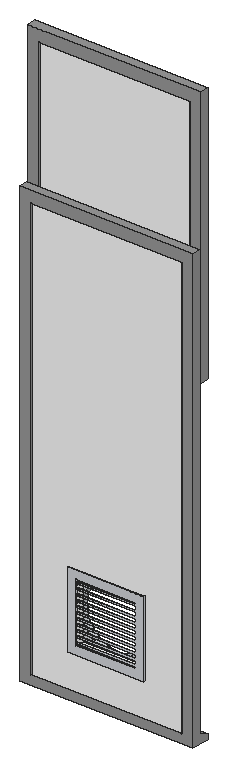
Revit family "STARC-REALWALL-NEGATIVE AIR PANEL", category Specialty Equipment, Revit 2014
Parameters (values of type "S3-AIR-32")
  Width = 2' - 8"
  Wall Interface Right [instance] = no
  Wall Interface Left [instance] = no
  Wall Gap-Right [instance] = 0' - 5"
  URL = "https://starcsystems.com/products/realwall-negative-air-panels/"
  Type Comments = "STARC REALWALL 32 INCH NEGATIVE AIR PANEL"
  Pressure Monitor [instance] = no
  Model = "S3-AIR-32"
  Manufacturer = "STARC SYSTEMS, INC."  # constant formula
  ICRA Class = "IV"  # constant formula
  Description = "STARC SYSTEMS, INC REALWALL TEMPORARY CONTAINMENT SYSTEM NEGATIVE AIR PANEL"  # constant formula
  Copyright = "Copyright 2020 STARC Systems, Inc."  # constant formula
  Ceiling Height = 9' - 0"
  Wall Gap-Left [instance] = 0' - 5"
  Height = if(Ceiling Height > 10' 3", 10' 3", (if(Ceiling Height < 6' 10", 6' 10", Ceiling Height)))  # 9' - 0"
  Extensions.Group [instance] = if(and(Wall Interface Right, Wall Interface Left), "Double Interface", (if(Wall Interface Right, "Right Interface", (if(Wall Interface Left, "Left interface", "")))))  # ""
  Assembly Code = "F1030900"
  ASTM Standard = "E-84 CLASS A"  # constant formula
Types (5): name | Width | Wall Gap-Right | Type Comments | Model | Wall Gap-Left
  (no name) | 2' - 8" | 0' - 5" | "STARC REALWALL 32 INCH NEGATIVE AIR PANEL" | "S3-AIR-32" | 0' - 5"
  S3-AIR-24 | 2' - 0" | 0' - 0" | "STARC REALWALL 24 INCH NEGATIVE AIR PANEL" | "S3-AIR-24" | 0' - 0"
  S3-AIR-32 | 2' - 8" | 0' - 5" | "STARC REALWALL 32 INCH NEGATIVE AIR PANEL" | "S3-AIR-32" | 0' - 5"
  S3-AIR-18 | 1' - 6" | 0' - 0" | "STARC REALWALL 18 INCH NEGATIVE AIR PANEL" | "S3-AIR-18" | 0' - 0"
  S3-AIR-42 | 3' - 6" | 0' - 0" | "STARC REALWALL 42 INCH NEGATIVE AIR PANEL" | "S3-AIR-42" | 0' - 0"
Reference planes (in)
  plane 1 "Center (Base Panel)": y = 0
  plane 2: z = 0
  plane 3 "Center (Left/Right)": x = 0
  plane 4 "Center (Top Panel)": y = 1.78125
  plane 5 "Base Panel Front": y = -0.796875
  plane 6 "Base Panel Back": y = 0.796875
  plane 7 "Top Panel Fron": y = 0.984375
  plane 8 "Top Panel Back": y = 2.578125
  plane 9 "Left Edge": x = -16
  plane 10 "Right Edge": x = 16
  plane 11 "Ceiling Height": z = 108
  plane 12 "Base Panel Top": z = 82
  plane 13 "Base Top": z = 1.65625
  plane 14 "Interior Left Edge": x = -13.921875
  plane 15 "Interior Right Edge": x = 13.921875
  plane 16: z = 79.921875
  plane 17: z = 59.734375
  plane 18: z = 61.8125
  plane 19: z = 105.921875
  plane 20: y = 2.578125
  plane 21: z = 1.140625
  plane 22: z = 59.921875
Forms (in)
  Extrusion 1, solid, material "STARC-Frame", detail levels medium+fine
    sketch origin (0, 0.796875, 0) x (1, 0, 0) y (0, 0, 1)
      loop
        line (-13.921875, 1.65625) -> (-13.921875, 79.921875) -> (13.921875, 79.921875) -> (13.921875, 1.65625) -> (16, 1.65625) -> (16, 82) -> (-16, 82) -> (-16, 1.65625) -> (-13.921875, 1.65625)
    from 0 to 1.59375
  Extrusion 2, solid, material "STARC-Frame", detail levels medium+fine
    sketch origin (0, 2.578125, 0) x (1, 0, 0) y (0, 0, 1)
      loop
        line (-16, 108) -> (-16, 59.734375) -> (16, 59.734375) -> (16, 108) -> (-16, 108)
      loop
        line (-13.921875, 105.921875) -> (-13.921875, 61.8125) -> (13.921875, 61.8125) -> (13.921875, 105.921875) -> (-13.921875, 105.921875)
    from 0 to 1.59375
  Extrusion 3, solid, material "STARC-Panel", detail levels medium+fine
    sketch origin (0, 0.796875, 0) x (1, 0, 0) y (0, 0, 1)
      loop
        line (-13.921875, 79.921875) -> (-13.921875, 1.65625) -> (13.921875, 1.65625) -> (13.921875, 79.921875) -> (-13.921875, 79.921875)
      loop
        line (-5.5275591, 20.5551181) -> (-5.5275591, 9.5) -> (5.5275591, 9.5) -> (5.5275591, 20.5551181) -> (-5.5275591, 20.5551181)
    from 0.125 to 1.5
  Extrusion 4, solid, material "STARC-Panel", detail levels medium+fine
    sketch origin (0, 2.578125, 0) x (1, 0, 0) y (0, 0, 1)
      loop
        line (-13.921875, 105.921875) -> (-13.921875, 61.8125) -> (13.921875, 61.8125) -> (13.921875, 105.921875) -> (-13.921875, 105.921875)
    from 0.125 to 1.5
  Extrusion 5, solid, material "STARC-Frame", detail levels medium+fine
    sketch origin (0, 0, 0) x (0, 1, 0) y (0, 0, 1)
      loop
        line (-0.796875, 1.65625) -> (-0.796875, 0) -> (2.578125, 0) -> (2.578125, 0.8474059) -> (0.796875, 1.65625) -> (-0.796875, 1.65625)
    from -16 to 16
Cuts and joins
  joined: Extrusion 1, Extrusion 5
Lines and regions (in)
  symbolic lines, detail levels coarse
    curve 1: line (-16, 0.796875, 0) -> (16, 0.796875, 0)
    curve 2: line (-16, -0.796875, 0) -> (-16, 0.796875, 0)
    curve 3: line (16, -0.796875, 0) -> (-16, -0.796875, 0)
    curve 4: line (16, 0.796875, 0) -> (16, -0.796875, 0)
  symbolic lines, style "SpecialityEquipmentHiddenLines", detail levels coarse
    curve 5: line (-16, 0.796875, 0) -> (-16, 2.578125, 0)
    curve 6: line (-16, 2.578125, 0) -> (16, 2.578125, 0)
    curve 7: line (16, 2.578125, 0) -> (16, 0.796875, 0)
Dimensions and locks (in)
  plane 7 "Top Panel Fron" to plane 4 "Center (Top Panel)" to plane 8 "Top Panel Back" = 0' - 0 51/64" locked, 0' - 0 51/64" locked
  plane 5 "Base Panel Front" to plane 1 "Center (Base Panel)" to plane 6 "Base Panel Back" = 0' - 0 51/64" locked, 0' - 0 51/64" locked
  locked: plane 1 "Center (Base Panel)" to plane 4 "Center (Top Panel)" at 1.78125
  equal spacing: plane 9 "Left Edge", plane 3 "Center (Left/Right)", plane 10 "Right Edge"
  "Width": plane 9 "Left Edge" to plane 10 "Right Edge"
  "Height": plane 11 "Ceiling Height" to level
  locked: plane 12 "Base Panel Top" to level at 82
  locked: plane 13 "Base Top" to level at 1.65625
  locked: plane 14 "Interior Left Edge" to plane 9 "Left Edge" at 2.078125
  locked: plane 15 "Interior Right Edge" to plane 10 "Right Edge" at 2.078125
  locked: plane 11 "Ceiling Height" to plane 17 at 48.265625
  locked: plane 11 "Ceiling Height" to plane 19 at 2.078125
  locked: plane 18 to plane 17 at 2.078125
  locked: plane 20 to plane 5 "Base Panel Front" at 3.375
  locked: plane 21 to level at 1.140625
  locked: plane 12 "Base Panel Top" to plane 16 at 2.078125
  locked: nested 1 to level at 8
  plane 16 to plane 22 = 1' - 8"
  aligned and locked: level to plane 2
  aligned and locked: plane 9 "Left Edge" to Extrusion 1 sketch curve
  aligned and locked: Extrusion 1 sketch curve to plane 12 "Base Panel Top"
  aligned and locked: plane 10 "Right Edge" to Extrusion 1 sketch curve
  aligned and locked: Extrusion 1 sketch curve to plane 15 "Interior Right Edge"
  aligned and locked: plane 13 "Base Top" to Extrusion 1 sketch curve  (x2)
  aligned and locked: Extrusion 1 sketch curve to plane 14 "Interior Left Edge"
  aligned and locked: plane 5 "Base Panel Front" to Extrusion 1
  aligned and locked: plane 16 to Extrusion 1 sketch curve
  aligned and locked: Extrusion 2 sketch curve to plane 11 "Ceiling Height"
  aligned and locked: plane 17 to Extrusion 2 sketch curve
  aligned and locked: plane 9 "Left Edge" to Extrusion 2 sketch curve
  aligned and locked: plane 14 "Interior Left Edge" to Extrusion 2 sketch curve
  aligned and locked: plane 18 to Extrusion 2 sketch curve
  aligned and locked: plane 15 "Interior Right Edge" to Extrusion 2 sketch curve
  aligned and locked: plane 10 "Right Edge" to Extrusion 2 sketch curve
  aligned and locked: Extrusion 2 sketch curve to plane 19
  aligned and locked: plane 7 "Top Panel Fron" to Extrusion 2
  aligned and locked: plane 13 "Base Top" to Extrusion 3 sketch curve
  aligned and locked: plane 15 "Interior Right Edge" to Extrusion 3 sketch curve
  aligned and locked: plane 14 "Interior Left Edge" to Extrusion 3 sketch curve
  aligned and locked: Extrusion 3 sketch curve to plane 16
  aligned and locked: plane 18 to Extrusion 4 sketch curve
  aligned and locked: Extrusion 4 sketch curve to plane 19
  aligned and locked: plane 15 "Interior Right Edge" to Extrusion 4 sketch curve
  aligned and locked: plane 14 "Interior Left Edge" to Extrusion 4 sketch curve
  aligned and locked: Extrusion 5 sketch curve to plane 5 "Base Panel Front"
  aligned and locked: Extrusion 5 sketch curve to plane 13 "Base Top"
  aligned and locked: level to Extrusion 5 sketch curve
  aligned and locked: plane 20 to Extrusion 5 sketch curve
  aligned and locked: Extrusion 5 to plane 10 "Right Edge"
  aligned and locked: Extrusion 5 to plane 9 "Left Edge"
  aligned and locked: curve 3 to plane 5 "Base Panel Front"
  aligned and locked: plane 10 "Right Edge" to curve 4
  aligned and locked: plane 6 "Base Panel Back" to curve 1
  aligned and locked: plane 9 "Left Edge" to curve 2
  aligned and locked: plane 6 "Base Panel Back" to curve 7
  aligned and locked: plane 10 "Right Edge" to curve 7
  aligned and locked: plane 20 to curve 6
  aligned and locked: plane 9 "Left Edge" to curve 5
  aligned and locked: plane 3 "Center (Left/Right)" to nested 1
  aligned and locked: cut or joined group of Extrusion 1, Extrusion 5 to nested 1
  aligned and locked: Extrusion 3 sketch curve to nested 1  (x4)
  aligned and locked: plane 5 "Base Panel Front" to nested 2
  aligned and locked: plane 3 "Center (Left/Right)" to nested 2
  aligned and locked: plane 5 "Base Panel Front" to nested 4
  aligned and locked: plane 5 "Base Panel Front" to nested 3
  aligned and locked: nested 3 to plane 10 "Right Edge"
  aligned and locked: plane 9 "Left Edge" to nested 4
Automatic sketch dimensions
  Extrusion 5 sketch curve to plane 6 "Base Panel Back" = 0' - 0"
  Extrusion 5 sketch curve to plane 21 = 0' - 0.29322"
Nested families (in)
  nested 1: "STARC-AIR_VENT" at (0, 0.796875, 15.0275591), type "STARC-AIR_VENT"
    with Panel Thickness 0' - 1 19/32"
  nested 2: "STARC-PRESSURE MONITOR" at (0, -0.796875, 59.921875), visible <- "Pressure Monitor", type "STARC-PRESSURE MONITOR"
  nested 3: "STARC-REALWALL-INTERFACE-RIGHT" at (16, 0, 0), visible <- "Wall Interface Right", type "S1-RWI"
    with Interface Width 0' - 4 1/2"
  nested 4: "STARC-REALWALL-INTERFACE-LEFT" at (-16, 0, 0), visible <- "Wall Interface Left", type "S1-LWI"
    with Interface Width 0' - 4 1/2", Gap Width 0' - 5"
Definition of nested family "STARC-AIR_VENT"
  Parameters (values of type "STARC-AIR_VENT")
    Panel Thickness = 1' - 0"
  Reference planes (in)
    plane 1 "Center (Front/Back)": y = 0
    plane 2: z = 0
    plane 3 "Center (Left/Right)": x = 0
    plane 4 "front of panel": y = -12
  Forms (in)
    Extrusion 1, solid
      sketch origin (0, -12, 0) x (0, 0, 1) y (-1, 0, 0)
        loop
          line (-7.0275591, 7.0275591) -> (-7.0275591, -7.0275591) -> (7.0275591, -7.0275591) -> (7.0275591, 7.0275591) -> (-7.0275591, 7.0275591)
        loop
          line (5.5275591, -5.5275591) -> (5.5275591, 5.5275591) -> (5.1525591, 5.5275591) -> (5.1525591, -5.5275591) -> (5.5275591, -5.5275591)
        loop
          line (-5.5275591, 5.5275591) -> (-5.5275591, -5.5275591) -> (-5.0974409, -5.5275591) -> (-5.0974409, 5.5275591) -> (-5.5275591, 5.5275591)
        loop
          line (4.9025591, -5.5275591) -> (4.9025591, 5.5275591) -> (4.1525591, 5.5275591) -> (4.1525591, -5.5275591) -> (4.9025591, -5.5275591)
        loop
          line (3.9025591, -5.5275591) -> (3.9025591, 5.5275591) -> (3.1525591, 5.5275591) -> (3.1525591, -5.5275591) -> (3.9025591, -5.5275591)
        loop
          line (2.9025591, -5.5275591) -> (2.9025591, 5.5275591) -> (2.1525591, 5.5275591) -> (2.1525591, -5.5275591) -> (2.9025591, -5.5275591)
        loop
          line (1.9025591, -5.5275591) -> (1.9025591, 5.5275591) -> (1.1525591, 5.5275591) -> (1.1525591, -5.5275591) -> (1.9025591, -5.5275591)
        loop
          line (0.9025591, -5.5275591) -> (0.9025591, 5.5275591) -> (0.1525591, 5.5275591) -> (0.1525591, -5.5275591) -> (0.9025591, -5.5275591)
        loop
          line (-0.0974409, -5.5275591) -> (-0.0974409, 5.5275591) -> (-0.8474409, 5.5275591) -> (-0.8474409, -5.5275591) -> (-0.0974409, -5.5275591)
        loop
          line (-1.0974409, -5.5275591) -> (-1.0974409, 5.5275591) -> (-1.8474409, 5.5275591) -> (-1.8474409, -5.5275591) -> (-1.0974409, -5.5275591)
        loop
          line (-2.0974409, -5.5275591) -> (-2.0974409, 5.5275591) -> (-2.8474409, 5.5275591) -> (-2.8474409, -5.5275591) -> (-2.0974409, -5.5275591)
        loop
          line (-3.0974409, -5.5275591) -> (-3.0974409, 5.5275591) -> (-3.8474409, 5.5275591) -> (-3.8474409, -5.5275591) -> (-3.0974409, -5.5275591)
        loop
          line (-4.0974409, -5.5275591) -> (-4.0974409, 5.5275591) -> (-4.8474409, 5.5275591) -> (-4.8474409, -5.5275591) -> (-4.0974409, -5.5275591)
      from 0 to 0.125
    Extrusion 2, solid
      sketch origin (0, 0, 0) x (1, 0, 0) y (0, 0, 1)
        loop
          line (7.0275591, 7.0275591) -> (-7.0275591, 7.0275591) -> (-7.0275591, -7.0275591) -> (7.0275591, -7.0275591) -> (7.0275591, 7.0275591)
        loop
          circle (0, 0) r 6
      from 0 to -0.125
    Extrusion 3, solid
      sketch origin (0, 0, 0) x (1, 0, 0) y (0, 0, 1)
        loop
          circle (0, 0) r 6
        loop
          circle (0, 0) r 5.9375
      from 0 to -1.25
  Cuts and joins
    joined: Extrusion 2, Extrusion 3
  Dimensions and locks (in)
    locked: Extrusion 1 sketch curve to Extrusion 1 sketch curve at 14.0551181  (x2)
    equal spacing: Extrusion 1 sketch curve, plane 3 "Center (Left/Right)", Extrusion 1 sketch curve
    equal spacing: Extrusion 1 sketch curve, level, Extrusion 1 sketch curve
    "Panel Thickness": plane 1 "Center (Front/Back)" to plane 4 "front of panel"
    aligned and locked: plane 2 to level
    aligned and locked: plane 1 "Center (Front/Back)" to Extrusion 3
  Automatic sketch dimensions
    Extrusion 1 sketch curve to Extrusion 1 sketch curve = 0' - 1 1/2"  (x5)
    Extrusion 1 sketch curve to Extrusion 1 sketch curve = 0' - 0.43012"
    Extrusion 1 sketch curve to Extrusion 1 sketch curve = 0' - 0 1/4"  (x10)
    Extrusion 1 sketch curve to Extrusion 1 sketch curve = 0' - 0 3/4"  (x9)
    Extrusion 1 sketch curve to level = 0' - 0.09744"
    level to Extrusion 1 sketch curve = 0' - 0.15256"
    Extrusion 1 sketch curve to Extrusion 1 sketch curve = 0' - 0 3/8"
    Extrusion 1 sketch curve to Extrusion 1 sketch curve = 0' - 0"  (x20)
    Extrusion 2 sketch curve to level = 0' - 0"
    Extrusion 2 sketch curve to plane 3 "Center (Left/Right)" = 0' - 0"
    Extrusion 2 sketch curve to plane 3 "Center (Left/Right)" = 0' - 7.02756"
    plane 3 "Center (Left/Right)" to Extrusion 2 sketch curve = 0' - 7.02756"
    Extrusion 2 sketch curve to level = 0' - 7.02756"
    level to Extrusion 2 sketch curve = 0' - 7.02756"
    Extrusion 3 sketch curve to Extrusion 3 sketch curve = 0' - 0"  (x12)
    Extrusion 3 sketch curve to level = 0' - 0"
    Extrusion 3 sketch curve to plane 3 "Center (Left/Right)" = 0' - 0"
    Extrusion 3 sketch curve to Extrusion 3 sketch curve = 0' - 5 15/16"
    Extrusion 3 sketch curve to Extrusion 3 sketch curve = 0' - 0 1/16"
    radius of Extrusion 2 sketch curve = 0' - 6"
Definition of nested family "STARC-PRESSURE MONITOR"
  Reference planes (in)
    plane 1 "Center (Front/Back)": y = 0
    plane 2: z = 0
    plane 3 "Center (Left/Right)": x = 0
  Forms (in)
    Extrusion 1, solid
      sketch origin (-6.9017162, 0, -71.3125857) x (1, 0, 0) y (0, 0, 1)
        loop
          line (2.4017162, 73.8125857) -> (2.4017162, 68.8125857) -> (11.4017162, 68.8125857) -> (11.4017162, 73.8125857) -> (2.4017162, 73.8125857)
      from 0 to 0.125
    Extrusion 2, solid
      sketch origin (1, 0, 0) x (1, 0, 0) y (0, 0, 1)
        loop
          arc (-4.4984912, 2) -> (-4.8520446, 1.8535534) -> (-4.9984912, 1.5) r 0.5
          line (-4.9984912, 1.5) -> (-4.9984912, -1.5)
          arc (-4.9984912, -1.5) -> (-4.8520446, -1.8535534) -> (-4.4984912, -2) r 0.5
          line (-4.4984912, -2) -> (0.7515088, -2)
          arc (0.7515088, -2) -> (1.1050622, -1.8535534) -> (1.2515088, -1.5) r 0.5
          line (1.2515088, -1.5) -> (1.2515088, 1.5)
          arc (1.2515088, 1.5) -> (1.1050622, 1.8535534) -> (0.7515088, 2) r 0.5
          line (0.7515088, 2) -> (-4.4984912, 2)
      from 0 to 1
    Sweep 3, void
      path origin (1, 0, 0) x (1, 0, 0) y (0, 0, 1)
        loop
          line (0.7515088, 2) -> (-4.4984912, 2)
          arc (-4.4984912, 2) -> (-4.8520446, 1.8535534) -> (-4.9984912, 1.5) r 0.5
          line (-4.9984912, 1.5) -> (-4.9984912, -1.5)
          arc (-4.9984912, -1.5) -> (-4.8520446, -1.8535534) -> (-4.4984912, -2) r 0.5
          line (-4.4984912, -2) -> (0.7515088, -2)
          arc (0.7515088, -2) -> (1.1050622, -1.8535534) -> (1.2515088, -1.5) r 0.5
          line (1.2515088, -1.5) -> (1.2515088, 1.5)
          arc (1.2515088, 1.5) -> (1.1050622, 1.8535534) -> (0.7515088, 2) r 0.5
      profile origin (-0.8734912, 0, 2) x (0, 0, -1) y (0, -1, 0)
        loop
          arc (0, 0.75) -> (0.0732233, 0.9267767) -> (0.25, 1) r 0.25
          line (0.25, 1) -> (0.25, 1.1294849) -> (-0.1569918, 1.1294849) -> (-0.1569918, 0.75) -> (0, 0.75)
    Extrusion 4, void
      sketch origin (-6.9017162, -0.125, -71.3125857) x (-1, 0, 0) y (0, 0, 1)
        loop
          line (-3.3240898, 72.754601) -> (-6.8240898, 72.754601) -> (-6.8240898, 70.254601) -> (-3.3240898, 70.254601) -> (-3.3240898, 72.754601)
        loop
          line (-7.1284293, 72.754601) -> (-8.7363449, 72.754601) -> (-8.7363449, 72.004601) -> (-7.1284293, 72.004601) -> (-7.1284293, 72.754601)
      from -0.8205955 to -0.9664397
  Cuts and joins
    Sweep 3, Extrusion 4 cuts Extrusion 1
    Sweep 3, Extrusion 4 cuts Extrusion 2
    joined: Extrusion 1, Extrusion 2
  Dimensions and locks (in)
    Extrusion 1 sketch curve to Extrusion 1 sketch curve = 0' - 9"
    locked: Extrusion 1 sketch curve to Extrusion 1 sketch curve at 5
    aligned and locked: plane 2 to level
Definition of nested family "STARC-REALWALL-INTERFACE-RIGHT"
  Parameters (values of type "S1-RWI")
    URL = "https://starcsystems.com/products/accessories/"
    Type Comments = "STARC SYSTEMS, INC REALWALL TEMPORARY CONTAINMENT SYSTEM RIGHT WALL INTERFACE"
    Model = "S1-RWI"
    Manufacturer = "STARC SYSTEMS, INC."  # constant formula
    Interface Width [instance] = if(Gap Width > 0' 4 1/2", 0' 4 1/2", (if(Gap Width < 0' 2 3/4", 0' 2 3/4", Gap Width)))  # 0' - 4 1/2"
    Wall Height = 9' - 0"
    ICRA Class = "IV"  # constant formula
    Height = if(Wall Height > 10' 3", 10' 3", Wall Height)  # 9' - 0"
    Gap Width = 0' - 5"
    Description = "STARC SYSTEMS, INC REALWALL TEMPORARY CONTAINMENT SYSTEM RIGHT WALL INTERFACE"  # constant formula
    Copyright = "Copyright 2020 STARC Systems, Inc."  # constant formula
    Assembly Code = "F1030900"
    ASTM Standard = "E-84 CLASS A"  # constant formula
  Reference planes (in)
    plane 1 "Center (Front/Back)": y = 0
    plane 2: z = 0
    plane 3 "Panel Edge": x = 0
    plane 4: z = 82
    plane 5 "TopPanelTop": z = 108
    plane 6 "TopPanelBottom": z = 59.71875
    plane 7: y = 1.78125
    plane 8: y = -0.796875
    plane 9: y = 0.796875
    plane 10: y = 0.984375
    plane 11: y = 2.578125
    plane 12: y = 2.578125
    plane 13: x = 4.5
    plane 14: x = 4.125
    plane 15: x = 1.6875
    plane 16: x = 1.6875
  Forms (in)
    Extrusion 1, solid, material "STARC-Frame"
      sketch origin (0, -0.796875, 0) x (1, 0, 0) y (0, 1, 0)
        loop
          line (1.6875, 0) -> (1.6875, -0.0625) -> (4.125, -0.0625) -> (4.125, 1.65625) -> (1.6875, 1.65625) -> (1.6875, 1.59375) -> (4.0625, 1.59375) -> (4.0625, 0) -> (1.6875, 0)
      from 0 to 82
    Extrusion 2, solid, material "STARC-Gasket"
      sketch origin (0, -0.796875, 0) x (1, 0, 0) y (0, 1, 0)
        loop
          line (4.125, 1.1875) -> (4.125, 0.4375) -> (4.5, 0.4375) -> (4.5, 1.1875) -> (4.125, 1.1875)
      from 0 to 82
    Extrusion 3, solid, material "STARC-Frame"
      sketch origin (0, -0.796875, 0) x (1, 0, 0) y (0, 1, 0)
        loop
          line (0, 1.59375) -> (0, 0) -> (4.0625, 0) -> (4.0625, 1.59375) -> (0, 1.59375)
      from 0 to 82
    Extrusion 4, solid, material "STARC-Frame"
      sketch origin (0, 0.984375, 0) x (1, 0, 0) y (0, 1, 0)
        loop
          line (1.6875, 0) -> (1.6875, -0.0625) -> (4.125, -0.0625) -> (4.125, 1.65625) -> (1.6875, 1.65625) -> (1.6875, 1.59375) -> (4.0625, 1.59375) -> (4.0625, 0) -> (1.6875, 0)
      from 59.71875 to 108 <- "Height"
    Extrusion 5, solid, material "STARC-Gasket"
      sketch origin (0, 0.984375, 0) x (1, 0, 0) y (0, 1, 0)
        loop
          line (4.125, 1.1875) -> (4.125, 0.4375) -> (4.5, 0.4375) -> (4.5, 1.1875) -> (4.125, 1.1875)
      from 59.71875 to 108 <- "Height"
    Extrusion 6, solid, material "STARC-Frame"
      sketch origin (0, 0.984375, 0) x (1, 0, 0) y (0, 1, 0)
        loop
          line (0, 1.59375) -> (0, 0) -> (4.0625, 0) -> (4.0625, 1.59375) -> (0, 1.59375)
      from 59.71875 to 108 <- "Height"
  Dimensions and locks (in)
    locked: plane 4 to level at 82
    locked: plane 5 "TopPanelTop" to plane 6 "TopPanelBottom" at 48.28125
    "Height": plane 5 "TopPanelTop" to level
    Extrusion 2 sketch curve to plane 1 "Center (Front/Back)" = 0' - 0 23/64"
    locked: Extrusion 2 sketch curve to Extrusion 2 sketch curve at 0.75
    locked: Extrusion 5 sketch curve to Extrusion 5 sketch curve at 0.75
    plane 10 to plane 7 to plane 11 = 0' - 0 51/64" locked, 0' - 0 51/64" locked
    plane 8 to plane 9 = 0' - 1 19/32"
    locked: plane 12 to plane 8 at 3.375
    locked: plane 13 to plane 14 at 0.375
    "Interface Width": plane 3 "Panel Edge" to plane 13
    locked: Extrusion 1 sketch curve to Extrusion 1 sketch curve at 0.0625  (x3)
    locked: plane 15 to plane 14 at 2.4375
    locked: plane 16 to plane 14 at 2.4375
    aligned and locked: plane 2 to level
    aligned and locked: Extrusion 1 to level
    aligned and locked: plane 4 to Extrusion 1
    aligned and locked: plane 4 to Extrusion 3
    aligned and locked: Extrusion 3 to level
    aligned and locked: Extrusion 6 to plane 6 "TopPanelBottom"
    aligned and locked: Extrusion 4 to plane 6 "TopPanelBottom"
    aligned and locked: Extrusion 5 to plane 6 "TopPanelBottom"
    aligned and locked: plane 15 to Extrusion 1 sketch curve  (x2)
    aligned and locked: Extrusion 3 to Extrusion 1
    aligned and locked: Extrusion 3 to plane 3 "Panel Edge"
    aligned and locked: plane 16 to Extrusion 4 sketch curve  (x2)
    aligned and locked: Extrusion 5 to plane 13
    aligned and locked: plane 14 to Extrusion 5
    aligned and locked: plane 14 to Extrusion 2
    aligned and locked: Extrusion 6 to Extrusion 4
    aligned and locked: Extrusion 6 to plane 3 "Panel Edge"
  Automatic sketch dimensions
    plane 1 "Center (Front/Back)" to Extrusion 3 sketch curve = 0' - 0 51/64"
    plane 3 "Panel Edge" to Extrusion 3 sketch curve = 0' - 4 1/16"
    Extrusion 3 sketch curve to plane 1 "Center (Front/Back)" = 0' - 0 51/64"
    Extrusion 5 sketch curve to plane 1 "Center (Front/Back)" = 0' - 1 27/64"
    plane 3 "Panel Edge" to Extrusion 6 sketch curve = 0' - 4 1/16"
    Extrusion 6 sketch curve to plane 1 "Center (Front/Back)" = 0' - 0 63/64"
    Extrusion 6 sketch curve to Extrusion 6 sketch curve = 0' - 1 19/32"
    plane 8 to Extrusion 1 sketch curve = 0' - 0"
    plane 9 to Extrusion 1 sketch curve = 0' - 0"
    Extrusion 1 sketch curve to plane 14 = 0' - 0"
    plane 10 to Extrusion 4 sketch curve = 0' - 0"
    plane 11 to Extrusion 4 sketch curve = 0' - 0"
    Extrusion 4 sketch curve to plane 14 = 0' - 0"
    plane 14 to Extrusion 4 sketch curve = 0' - 0 1/16"
    Extrusion 4 sketch curve to Extrusion 4 sketch curve = 0' - 0 1/16"
    Extrusion 4 sketch curve to plane 11 = 0' - 0 1/16"
    Extrusion 2 sketch curve to plane 13 = 0' - 0"
    Extrusion 3 sketch curve to plane 3 "Panel Edge" = 0' - 0"
    Extrusion 5 sketch curve to plane 13 = 0' - 0"
    Extrusion 6 sketch curve to plane 3 "Panel Edge" = 0' - 0"
    Extrusion 2 sketch curve to plane 14 = 0' - 0"
    Extrusion 5 sketch curve to plane 14 = 0' - 0"
Definition of nested family "STARC-REALWALL-INTERFACE-LEFT"
  Parameters (values of type "S1-LWI")
    URL = "https://starcsystems.com/products/accessories/"
    Type Comments = "STARC SYSTEMS, INC REALWALL TEMPORARY CONTAINMENT SYSTEM LEFT WALL INTERFACE"
    Model = "S1-LWI"
    Manufacturer = "STARC SYSTEMS, INC."  # constant formula
    Interface Width [instance] = if(Gap Width > 0' 4 1/2", 0' 4 1/2", (if(Gap Width < 0' 2 3/4", 0' 2 3/4", Gap Width)))  # 0' - 4 1/2"
    Wall Height = 9' - 0"
    ICRA Class = "IV"  # constant formula
    Height = if(Wall Height > 10' 3", 10' 3", Wall Height)  # 9' - 0"
    Gap Width = 0' - 6"
    Description = "STARC SYSTEMS, INC REALWALL TEMPORARY CONTAINMENT SYSTEM LEFT WALL INTERFACE"  # constant formula
    Copyright = "Copyright 2002 STARC Systems, Inc."  # constant formula
    Assembly Code = "F1030900"
    ASTM Standard = "E-84 CLASS A"  # constant formula
  Reference planes (in)
    plane 1 "Center (Front/Back)": y = 0
    plane 2: z = 0
    plane 3 "Panel Edge": x = 0
    plane 4: z = 82
    plane 5 "TopPanelTop": z = 108
    plane 6 "TopPanelBottom": z = 59.71875
    plane 7: x = -4.5
    plane 8: x = -4.125
    plane 9: x = -1.6875
    plane 10: x = -1.6875
    plane 11: y = 1.78125
    plane 12: y = -0.796875
    plane 13: y = 0.796875
    plane 14: y = 0.984375
    plane 15: y = 2.578125
    plane 16: y = 2.578125
  Forms (in)
    Extrusion 1, solid, material "STARC-Frame"
      sketch origin (0, -0.796875, 0) x (1, 0, 0) y (0, 1, 0)
        loop
          line (-1.6875, 0) -> (-4.0625, 0) -> (-4.0625, 1.59375) -> (-1.6875, 1.59375) -> (-1.6875, 1.65625) -> (-4.125, 1.65625) -> (-4.125, -0.0625) -> (-1.6875, -0.0625) -> (-1.6875, 0)
      from 0 to 82
    Extrusion 2, solid, material "STARC-Gasket"
      sketch origin (0, -0.796875, 0) x (1, 0, 0) y (0, 1, 0)
        loop
          line (-4.5, 1.1875) -> (-4.5, 0.4375) -> (-4.125, 0.4375) -> (-4.125, 1.1875) -> (-4.5, 1.1875)
      from 0 to 82
    Extrusion 3, solid, material "STARC-Frame"
      sketch origin (0, -0.796875, 0) x (1, 0, 0) y (0, 1, 0)
        loop
          line (-4.0625, 1.59375) -> (-4.0625, 0) -> (0, 0) -> (0, 1.59375) -> (-4.0625, 1.59375)
      from 0 to 82
    Extrusion 4, solid, material "STARC-Frame"
      sketch origin (0, 0.984375, 0) x (1, 0, 0) y (0, 1, 0)
        loop
          line (-1.6875, 0) -> (-4.0625, 0) -> (-4.0625, 1.59375) -> (-1.6875, 1.59375) -> (-1.6875, 1.65625) -> (-4.125, 1.65625) -> (-4.125, -0.0625) -> (-1.6875, -0.0625) -> (-1.6875, 0)
      from 59.71875 to 108 <- "Height"
    Extrusion 5, solid, material "STARC-Gasket"
      sketch origin (0, 0.984375, 0) x (1, 0, 0) y (0, 1, 0)
        loop
          line (-4.5, 1.1875) -> (-4.5, 0.4375) -> (-4.125, 0.4375) -> (-4.125, 1.1875) -> (-4.5, 1.1875)
      from 59.71875 to 108 <- "Height"
    Extrusion 6, solid, material "STARC-Frame"
      sketch origin (0, 0.984375, 0) x (1, 0, 0) y (0, 1, 0)
        loop
          line (-4.0625, 1.59375) -> (-4.0625, 0) -> (0, 0) -> (0, 1.59375) -> (-4.0625, 1.59375)
      from 59.71875 to 108 <- "Height"
  Dimensions and locks (in)
    locked: plane 4 to level at 82
    locked: plane 5 "TopPanelTop" to plane 6 "TopPanelBottom" at 48.28125
    "Height": plane 5 "TopPanelTop" to level
    "Interface Width": plane 7 to plane 3 "Panel Edge"
    locked: plane 7 to plane 8 at 0.375
    locked: plane 8 to Extrusion 1 sketch curve at 0.0625
    locked: plane 8 to plane 9 at 2.4375
    Extrusion 2 sketch curve to plane 1 "Center (Front/Back)" = 0' - 0 23/64"
    locked: Extrusion 2 sketch curve to Extrusion 2 sketch curve at 0.75
    locked: Extrusion 5 sketch curve to Extrusion 5 sketch curve at 0.75
    plane 14 to plane 11 to plane 15 = 0' - 0 51/64" locked, 0' - 0 51/64" locked
    plane 12 to plane 13 = 0' - 1 19/32"
    locked: plane 16 to plane 12 at 3.375
    locked: plane 8 to plane 10 at 2.4375
    aligned and locked: plane 2 to level
    aligned and locked: Extrusion 1 to level
    aligned and locked: plane 4 to Extrusion 1
    aligned and locked: Extrusion 1 sketch curve to plane 9  (x2)
    aligned and locked: Extrusion 2 sketch curve to plane 8
    aligned and locked: plane 7 to Extrusion 2 sketch curve
    aligned and locked: Extrusion 2 to level
    aligned and locked: plane 4 to Extrusion 2
    aligned and locked: plane 4 to Extrusion 3
    aligned and locked: Extrusion 3 to level
    aligned and locked: Extrusion 6 to plane 6 "TopPanelBottom"
    aligned and locked: Extrusion 4 to plane 6 "TopPanelBottom"
    aligned and locked: Extrusion 5 to plane 6 "TopPanelBottom"
  Automatic sketch dimensions
    Extrusion 1 sketch curve to plane 8 = 0' - 0"
    plane 1 "Center (Front/Back)" to Extrusion 1 sketch curve = 0' - 0 51/64"
    Extrusion 1 sketch curve to Extrusion 1 sketch curve = 0' - 0 1/16"  (x2)
    Extrusion 1 sketch curve to plane 1 "Center (Front/Back)" = 0' - 0 51/64"
    plane 1 "Center (Front/Back)" to Extrusion 3 sketch curve = 0' - 0 51/64"
    Extrusion 3 sketch curve to plane 3 "Panel Edge" = 0' - 0"
    plane 8 to Extrusion 3 sketch curve = 0' - 0 1/16"
    Extrusion 3 sketch curve to plane 1 "Center (Front/Back)" = 0' - 0 51/64"
    Extrusion 4 sketch curve to plane 8 = 0' - 0"
    plane 8 to Extrusion 4 sketch curve = 0' - 0 1/16"
    Extrusion 4 sketch curve to plane 1 "Center (Front/Back)" = 0' - 0 59/64"
    Extrusion 4 sketch curve to Extrusion 4 sketch curve = 0' - 0 1/16"  (x2)
    Extrusion 4 sketch curve to Extrusion 4 sketch curve = 0' - 1 19/32"
    Extrusion 5 sketch curve to plane 7 = 0' - 0"
    Extrusion 5 sketch curve to plane 8 = 0' - 0"
    Extrusion 5 sketch curve to plane 1 "Center (Front/Back)" = 0' - 1 27/64"
    Extrusion 6 sketch curve to plane 3 "Panel Edge" = 0' - 0"
    plane 8 to Extrusion 6 sketch curve = 0' - 0 1/16"
    Extrusion 6 sketch curve to plane 1 "Center (Front/Back)" = 0' - 0 63/64"
    Extrusion 6 sketch curve to Extrusion 6 sketch curve = 0' - 1 19/32"
    Extrusion 4 sketch curve to plane 10 = 0' - 0"  (x2)
